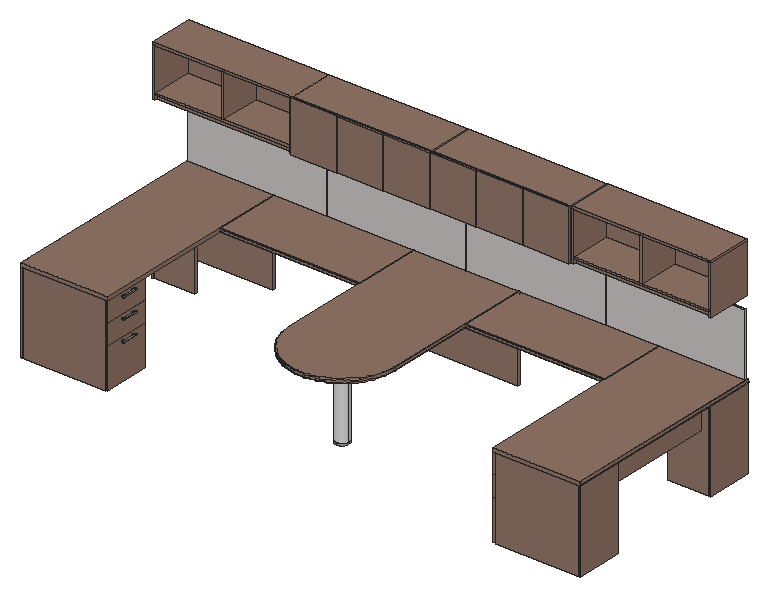
Revit family "JSI-Vision-Typical_Veneer-VSV115", category Furniture, Revit 2020
Family settings
  OmniClass Number = 23.40.20.00
  OmniClass Title = General Furniture and Specialties
  Work Plane-Based = No
  Always vertical = Yes
  Cut with Voids When Loaded = No
  Shared = No
  Room Calculation Point = No
Parameters (values of type "VSV115")
  URL = "www.jsifurniture.com"
  Type Comments = "Typical Veneer"  # constant formula
  Model = "VSV115"
  Manufacturer = "JSI"  # constant formula
  Keynote = "12500"
  Default Elevation = 0"
  Assembly Code = "E2020200"
Reference planes (in)
  plane 1 "Center Front/Back": y = 0
  plane 2: z = 0
  plane 3 "Center Left/Right": x = 0
Dimensions and locks (in)
  aligned and locked: level to plane 2
Nested families (in)
  nested 1: "JSI-Vision-Column_Base" at (0, -53.9995, 0), type "GP0428COL, Column Base 28 5/16"H"
    with Height 29 3/16"
  nested 2: "JSI-Vision-Tackboard_Wall_Mount_Overhead" at (-0.9375, -0.5, -4.5665), type "VSB4822WT, Tackboard for Wall Mount OH"
    with Width 47 3/4", Height 21 1/2"
  nested 3: "JSI-Vision-Wall_Mount_Open_Overhead" at (-95.75, 0, 24.75), type "VSV1548WOO, Veneer Wall Mount Open OH 15 7/16" x 48""
    with Overalll Height 72", Verticall Partition Distance 23 3/4", Unit Centre 24", Width 48", Depth 15.432"
  nested 4: "JSI-Vision-Modular_Box_Box_File_Pedestal" at (-95.8595, -72, 0) x (0, 1, 0) z (0, 0, 1), type "VSV1630MBBF, Veneer Modular BBF Ped"
    with Ped Width 15.996", Ped Height 27.996", Ped Depth 30"
  nested 5: "JSI-Vision-Modular_Wing_End_Support" at (96, 0, 0) x (0, -1, 0) z (0, 0, 1), type "VSV1630WEAL, Wing End Sup - Left"
    with Depth 30"
  nested 6: "JSI-Vision-Modular_Wing_End_Support" at (-96, -16, 0) x (0, 1, 0) z (0, 0, 1), type "VSV1630WEAR, Wing End Sup - Right"
    with Pnl Pstn 15 1/8", L no, Depth 30"
  nested 7: "JSI-Vision-Wall_Mount_Overhead_Cabinets" at (-47.875, 0, 0.25), type "VSV1648WSOL, Veneer Wall Mount OH Cab. 16" x 48", 3 Doors"
    with Overall Height 72", Verticall Partition Distance 31 11/16", Unit Centre 24", Width 48", Left Vertical Partition no, Door Width Actual 15 3/4", Door Array Spacing 15 7/8", Door Width 15 3/4", # of Doors 3
  nested 8: "JSI-Vision-Rectangle_Desk_Top" at (66, -72, -2.004) x (0, 1, 0) z (0, 0, 1), type "VSV3072MCT, Veneer Rectangular Desk Top, 30" x 72""
    with Width 72"
  nested 9: "JSI-Vision-Bullet_Peninsula_Desk" at (18, 0, 0) x (0, -1, 0) z (0, 0, 1), type "VSV3672B, Vneer 36 x 72 Bullet Peninsula Desk"
    with Width 72", leg Pstn 18", Height 29.187", Depth 36"
  nested 10: "JSI-Vision_Modular_Bridge_Top" at (-29.93587, -10.75, -0.8165), type "VSV4824MCT, Veneer 48 x 24 Modular Return/ Bridge Top"
    with Width 48", Depth 24"
  nested 11: "JSI-Vision_Modular_Bridge_Top" at (29.93587, -10.75, -0.8165) x (-1, 0, 0) z (0, 0, 1), type "VSV4824MCT, Veneer 48 x 24 Modular Return/ Bridge Top"
    with Width 48", Depth 24"
  nested 12: "JSI-Vision-Rectangle_Desk_Top" at (-66, -72, -2.004) x (0, 1, 0) z (0, 0, 1), type "VSV3072MCT, Veneer Rectangular Desk Top, 30" x 72""
    with Width 72"
  nested 13: "JSI-Vision-Modular_Box_Box_File_Pedestal" at (95.8595, -72, 0) x (0, 1, 0) z (0, 0, 1), type "VSV1630MBBF, Veneer Modular BBF Ped"
    with Ped Width 15.996", Ped Height 27.996", Ped Depth 30"
  nested 14: "JSI-Vision-Tackboard_Wall_Mount_Overhead" at (96.4375, -0.5, -4.5665) x (-1, 0, 0) z (0, 0, 1), type "VSB4822WT, Tackboard for Wall Mount OH"
    with Width 47 3/4", Height 21 1/2"
  nested 15: "JSI-Vision-Tackboard_Wall_Mount_Overhead" at (0.9375, -0.5, -4.5665) x (-1, 0, 0) z (0, 0, 1), type "VSB4822WT, Tackboard for Wall Mount OH"
    with Width 47 3/4", Height 21 1/2"
  nested 16: "JSI-Vision-Tackboard_Wall_Mount_Overhead" at (-96.4375, -0.5, -4.5665), type "VSB4822WT, Tackboard for Wall Mount OH"
    with Width 47 3/4", Height 21 1/2"
  nested 17: "JSI-Vision-Wall_Mount_Open_Overhead" at (95.75, 0, 24.75) x (-1, 0, 0) z (0, 0, 1), type "VSV1548WOO, Veneer Wall Mount Open OH 15 7/16" x 48""
    with Overalll Height 72", Verticall Partition Distance 23 3/4", Unit Centre 24", Width 48", Depth 15.432"
  nested 18: "JSI-Vision-Wall_Mount_Overhead_Cabinets" at (47.875, 0, 0.25) x (-1, 0, 0) z (0, 0, 1), type "VSV1648WSOL, Veneer Wall Mount OH Cab. 16" x 48", 3 Doors"
    with Overall Height 72", Verticall Partition Distance 31 11/16", Unit Centre 24", Width 48", Left Vertical Partition no, Door Width Actual 15 3/4", Door Array Spacing 15 7/8", Door Width 15 3/4", # of Doors 3
  nested 19: "JSI-Vision-Adj_Bridge_Modesty" at (92.40335, -55.879, -0.8165) x (0, 1, 0) z (0, 0, 1), type "VSV0940TDM, Modesty for Adj Bridge, 40"W"
  nested 20: "JSI-Vision-Adj_Bridge_Modesty" at (-92.40335, -55.879, -0.8165) x (0, 1, 0) z (0, 0, 1), type "VSV0940TDM, Modesty for Adj Bridge, 40"W"
  nested 21: "JSI-Vision-Modular_Full_Height_Back_Modular_Pedestal" at (95.25, -71.90775, 0) x (0, 1, 0) z (0, 0, 1), type "VSV1628MPBK, Modular Full Height Back Panel for Modular Pedestal- Veneer"
  nested 22: "JSI-Vision-Modular_Full_Height_Back_Modular_Pedestal" at (-95.25, -71.90775, 0) x (0, 1, 0) z (0, 0, 1), type "VSV1628MPBK, Modular Full Height Back Panel for Modular Pedestal- Veneer"
Definition of nested family "JSI-Vision-Column_Base"
  Parameters (values of type "GP0428COL, Column Base 28 5/16"H")
    URL = "www.jsifurniture.com"
    Type Comments = ""
    Series = "Vision Casegoods"  # constant formula
    Model = "GP0428COL"
    Material = ""
    Manufacturer = "JSI"  # constant formula
    Keynote = "12500"  # constant formula
    JSI Enviromental Website = "http://www.jsifurniture.com/jsi_sustainability_intro.php"
    Height = 28 5/16"
    Glide Finish = none
    Diameter = 4"
    Default Elevation = 0"
    Base Finish = none
    Description = "Column Base for Peninsula Tops,  4” diameter 28 5/16\"H"
    Assembly Code = "E2020200"
  Reference planes (in)
    plane 1 "Center Front/Back": y = 0
    plane 2: z = 0
    plane 3 "Center Left/Right": x = 0
    plane 4: z = 0
    plane 5: z = 28.3125
    plane 6: x = -3.5
    plane 7: x = 3.5
    plane 8: y = 3.5
    plane 9: y = -3.5
    plane 10: z = 0.75
  Forms (in)
    Extrusion 1, solid, material <- "Base Finish"
      sketch origin (-51, 15, 0) x (1, 0, 0) y (0, 1, 0)
        loop
          circle (51, -15) r 2.25
      from 0.75 to 26.875
    Extrusion 2, solid, material <- "Base Finish"
      sketch origin (-51, 15, 0) x (1, 0, 0) y (0, 1, 0)
        loop
          line (47.5, -11.5) -> (47.5, -18.5) -> (54.5, -18.5) -> (54.5, -11.5) -> (47.5, -11.5)
      from 26.875 to 27.125
    Revolve 3, solid, material <- "Glide Finish"
      sketch origin (0, 0, 0) x (1, 0, 0) y (0, 0, 1)
        loop
          line (0, 0.75) -> (-0.25, 0.75) -> (-0.25, 0.375) -> (-2.25, 0.375) -> (-2.25, 0) -> (0, 0) -> (0, 0.75)
        axis (0, 0.75) -> (0, 0)
      angle from 0 to 360
  Lines and regions (in)
    symbolic lines
      curve 1: arc (2.25, 0, 0) -> (0, 2.25, 0) -> (-2.25, 0, 0) r 2.25
      curve 2: arc (-2.25, 0, 0) -> (0, -2.25, 0) -> (2.25, 0, 0) r 2.25
      curve 3: line (-3.5, 3.5, 0) -> (3.5, 3.5, 0)
      curve 4: line (-3.5, -3.5, 0) -> (-3.5, 3.5, 0)
      curve 5: line (3.5, -3.5, 0) -> (-3.5, -3.5, 0)
      curve 6: line (3.5, 3.5, 0) -> (3.5, -3.5, 0)
  Dimensions and locks (in)
    "Height": plane 5 to plane 4
    plane 5 to Extrusion 2 to Extrusion 2 = 1 3/16" locked, 1/4" locked
    locked: plane 10 to level at 0.75
    plane 3 "Center Left/Right" to Revolve 3 sketch curve to Revolve 3 sketch curve = 1/4" locked, 2" locked
    locked: plane 6 to plane 7 at 7
    locked: plane 9 to plane 8 at 7
    aligned and locked: level to plane 2
    aligned and locked: Extrusion 2 sketch curve to plane 8
    aligned and locked: Extrusion 2 sketch curve to plane 6
    aligned and locked: Extrusion 2 sketch curve to plane 9
    aligned and locked: Extrusion 2 sketch curve to plane 7
    aligned and locked: curve 1 to Extrusion 1
    aligned and locked: curve 2 to Extrusion 1
    aligned and locked: Extrusion 1 to Extrusion 2
    aligned and locked: curve 3 to Extrusion 2
    aligned and locked: curve 4 to Extrusion 2
    aligned and locked: curve 5 to Extrusion 2
    aligned and locked: curve 6 to Extrusion 2
    aligned and locked: Revolve 3 sketch curve to plane 10
    aligned and locked: level to Revolve 3 sketch curve
    aligned and locked: Revolve 3 sketch curve to plane 3 "Center Left/Right"  (x2)
  Automatic sketch dimensions
    plane 1 "Center Front/Back" to Extrusion 1 sketch curve = 0"
    Extrusion 1 sketch curve to plane 3 "Center Left/Right" = 0"
    Revolve 3 sketch curve to Revolve 3 sketch curve = 3/8"
    Revolve 3 sketch curve to level = 1 1/2"
    Revolve 3 sketch curve to Revolve 3 sketch curve = 1/4"
    radius of Extrusion 1 sketch curve = 2 1/4"
Definition of nested family "JSI-Vision-Tackboard_Wall_Mount_Overhead"
  Parameters (values of type "Tackboard for Wall Mount OH - Type Catalog Family")
    Tackboard = none
    Width = 28 1/8"
    URL = "www.jsifurniture.com"
    Type Comments = ""
    Series = "Vision Casegoods"  # constant formula
    Model = "Type Catalog"
    Material = ""
    Manufacturer = "JSI"  # constant formula
    Keynote = "12500"  # constant formula
    JSI Enviromental Website = "http://www.jsifurniture.com/jsi_sustainability_intro.php"
    Height = 21 1/4"
    Description = "Type Catalog"
    Depth = 3/8"
    Default Elevation = 0"
    Assembly Code = "E2020200"
  Reference planes (in)
    plane 1 "Center Front/Back": y = 0
    plane 2: z = 0
    plane 3 "Center Left/Right": x = 0
    plane 4: z = 0
    plane 5: x = 0.9375
    plane 6: x = 29.0625
    plane 7: z = 33.75
    plane 8: x = 30
    plane 9: z = 55
    plane 10: y = -0.375
  Forms (in)
    Extrusion 1, solid, material <- "Tackboard"
      sketch origin (0, 1.5625, 0) x (1, 0, 0) y (0, 1, 0)
        loop
          line (0.9375, -1.5625) -> (0.9375, -1.9375) -> (29.0625, -1.9375) -> (29.0625, -1.5625) -> (0.9375, -1.5625)
      from 33.75 to 55
  Lines and regions (in)
    symbolic lines
      curve 1: line (0.9375, 0, 0) -> (29.0625, 0, 0)
      curve 2: line (0.9375, -0.375, 0) -> (0.9375, 0, 0)
      curve 3: line (29.0625, -0.375, 0) -> (0.9375, -0.375, 0)
      curve 4: line (29.0625, 0, 0) -> (29.0625, -0.375, 0)
  Dimensions and locks (in)
    "Width": plane 5 to plane 6
    plane 7 to level = 33 3/4"
    "Height": plane 9 to plane 7
    locked: plane 3 "Center Left/Right" to plane 5 at 0.9375
    locked: plane 6 to plane 8 at 0.9375
    aligned and locked: level to plane 2
    aligned and locked: Extrusion 1 to plane 5  (x2)
    aligned and locked: plane 6 to Extrusion 1  (x2)
    aligned and locked: Extrusion 1 to plane 7
    aligned and locked: plane 9 to Extrusion 1
    aligned and locked: curve 1 to Extrusion 1
    aligned and locked: curve 2 to Extrusion 1
    aligned and locked: curve 3 to Extrusion 1
    aligned and locked: curve 4 to Extrusion 1
    aligned and locked: Extrusion 1 to plane 1 "Center Front/Back"
  Automatic sketch dimensions
    Extrusion 1 sketch curve to plane 5 = 0"
    Extrusion 1 sketch curve to plane 6 = 0"
    Extrusion 1 sketch curve to plane 10 = 0"
    Extrusion 1 sketch curve to Extrusion 1 sketch curve = 3/8"
Definition of nested family "JSI-Vision-Wall_Mount_Open_Overhead"
  Parameters (values of type "Type Catalog")
    Verticall Partition Distance = Unit Centre - 1/4"  # 26 3/4"
    Unit Centre = Width / 2  # 27"
    Top = none
    Width = 54"
    URL = "www.jsifurniture.com"
    Type Comments = ""
    Tag = "1 Open - 1 Open"
    Series = "Vision Casegoods"  # constant formula
    Overhead Height = 1 1/2"
    Overalll Height [instance] = 72"
    Model = "Type Catalog"
    Material = ""
    Manufacturer = "JSI"  # constant formula
    Vertical Partition = yes
    Keynote = "12500"
    JSI Enviromental Website = "http://www.jsifurniture.com/jsi_sustainability_intro.php"
    Height = 18"
    Description = "Type Catalog"
    Depth = 15 7/16"
    Default Elevation = 0"
    Chassis = none
    Assembly Code = "E2020200"
  Reference planes (in)
    plane 1 "Center Front/Back": y = 0
    plane 2: z = 0
    plane 3 "Center Left/Right": x = 0
    plane 4: z = 0
    plane 5: y = -0.125
    plane 6: x = 54
    plane 7: x = 0.125
    plane 8: x = 53.875
    plane 9: y = -15.5625
    plane 10: z = 47.5
    plane 11: x = 0.875
    plane 12: x = 53.125
    plane 13: y = -0.9375
    plane 14: y = -1.6875
    plane 15: z = 46.75
    plane 16: z = 31.5
    plane 17: z = 32.25
    plane 18: z = 30
    plane 19: y = -14.8125
    plane 20: y = -14.0625
    plane 21: x = 0.25
    plane 22: x = 53.75
    plane 23: x = 27
    plane 24: x = 27
    plane 25: x = 27
    plane 26: x = 26.625
    plane 27: x = 27.375
    plane 28: x = 26.625
    plane 29: x = 27.375
    plane 30: z = 30
    plane 31: z = 48
    plane 32: z = 41.5625
    plane 33: z = 43.75
    plane 34: z = 44.5625
    plane 35: x = 1.5
    plane 36: x = 52.5
  Forms (in)
    Extrusion 1, solid, material <- "Chassis"
      sketch origin (0, 0, 0) x (1, 0, 0) y (0, 1, 0)
        loop
          line (0.125, -0.125) -> (0.125, -15.5625) -> (0.875, -15.5625) -> (0.875, -0.125) -> (0.125, -0.125)
      from 30 to 46.75
    Extrusion 2, solid, material <- "Chassis"
      sketch origin (0, 0, 0) x (1, 0, 0) y (0, 1, 0)
        loop
          line (53.875, -0.125) -> (53.125, -0.125) -> (53.125, -15.5625) -> (53.875, -15.5625) -> (53.875, -0.125)
      from 30 to 46.75
    Extrusion 3, solid, material <- "Top"
      sketch origin (0, 0, 0) x (1, 0, 0) y (0, 0, 1)
        loop
          line (0.125, 47.5) -> (0.125, 46.75) -> (53.875, 46.75) -> (53.875, 47.5) -> (0.125, 47.5)
      from 0.125 to 15.5625
    Extrusion 4, solid, material <- "Chassis"
      sketch origin (0, 0, 0) x (1, 0, 0) y (0, 0, 1)
        loop
          line (0.875, 32.25) -> (0.875, 31.5) -> (53.125, 31.5) -> (53.125, 32.25) -> (0.875, 32.25)
      from 1.6875 to 15.5625
    Extrusion 5, solid, material <- "Chassis"
      sketch origin (0, 0, 0) x (1, 0, 0) y (0, 1, 0)
        loop
          line (0.875, -14.0625) -> (0.875, -14.8125) -> (53.125, -14.8125) -> (53.125, -14.0625) -> (0.875, -14.0625)
      from 30 to 31.5
    Extrusion 6, solid, material <- "Chassis"
      sketch origin (130.61992, -0.9375, 48) x (1, 0, 0) y (0, 0, 1)
        loop
          line (-129.74492, -1.25) -> (-129.74492, -18) -> (-77.49492, -18) -> (-77.49492, -1.25) -> (-129.74492, -1.25)
      from 0 to 0.75
    Extrusion 7, solid, material <- "Chassis", visible <- "Vertical Partition"
      sketch origin (60, -15.5625, 48) x (1, 0, 0) y (0, 0, 1)
        loop
          line (-33.375, -1.25) -> (-33.375, -15.75) -> (-32.625, -15.75) -> (-32.625, -1.25) -> (-33.375, -1.25)
      from -13.875 to 0
    Extrusion 8, solid, material <- "Chassis"
      sketch origin (1.5, -180, 96) x (0, 0, 1) y (0, -1, 0)
        loop
          line (-49.25, -179.875) -> (-49.25, -179.0625) -> (-51.4375, -179.0625) -> (-52.25, -179.875) -> (-49.25, -179.875)
      from -0.625 to 51.625
    Extrusion 9, solid, material <- "Chassis"
      sketch origin (1.5, -180, 96) x (0, 0, 1) y (0, -1, 0)
        loop
          line (-51.4375, -179.0625) -> (-54.4375, -179.0625) -> (-54.4375, -179.875) -> (-52.25, -179.875) -> (-51.4375, -179.0625)
      from 0 to 51
  Lines and regions (in)
    symbolic lines
      curve 1: line (53.875, -0.125, 0) -> (0.125, -0.125, 0)
      curve 2: line (0.125, -0.125, 0) -> (0.125, -15.5625, 0)
      curve 3: line (53.875, -15.5625, 0) -> (53.875, -0.125, 0)
      curve 4: line (0.125, -15.5625, 0) -> (53.875, -15.5625, 0)
  Dimensions and locks (in)
    plane 3 "Center Left/Right" to plane 7 to plane 21 = 1/8" locked, 1/8" locked
    plane 22 to plane 8 to plane 6 = 1/8" locked, 1/8" locked
    locked: plane 5 to plane 1 "Center Front/Back" at 0.125
    plane 9 to plane 19 to plane 20 = 3/4" locked, 3/4" locked
    "Width": plane 3 "Center Left/Right" to plane 6
    locked: plane 7 to plane 11 at 0.75
    locked: plane 12 to plane 8 at 0.75
    plane 14 to plane 13 to plane 5 = 3/4" locked, 13/16" locked
    locked: plane 10 to plane 15 at 0.75
    locked: plane 17 to plane 16 at 0.75
    "Verticall Partition Distance": plane 21 to plane 24
    plane 26 to plane 24 to plane 27 = 3/8" locked, 3/8" locked
    plane 28 to plane 25 to plane 29 = 3/8" locked, 3/8" locked
    "Verticall Partition Distance": plane 25 to plane 22
    "Unit Centre": plane 3 "Center Left/Right" to plane 23
    "Overhead Height": plane 16 to plane 30
    "Height": plane 31 to plane 30
    locked: plane 31 to plane 10 at 0.5
    locked: plane 11 to plane 35 at 0.625
    locked: plane 36 to plane 12 at 0.625
    "Depth": plane 9 to plane 5
    plane 15 to plane 34 to plane 33 to plane 32 = 2 3/16" locked, 13/16" locked, 2 3/16" locked
    plane 10 to level = 47 1/2"
    aligned and locked: level to plane 2
    aligned and locked: plane 5 to Extrusion 1 sketch curve
    aligned and locked: plane 7 to Extrusion 1 sketch curve
    aligned and locked: Extrusion 1 sketch curve to plane 11
    aligned and locked: Extrusion 2 sketch curve to plane 5
    aligned and locked: plane 8 to Extrusion 2 sketch curve
    aligned and locked: Extrusion 2 sketch curve to plane 12
    aligned and locked: Extrusion 3 sketch curve to plane 10
    aligned and locked: plane 7 to Extrusion 3 sketch curve
    aligned and locked: Extrusion 3 to plane 5
    aligned and locked: plane 9 to Extrusion 1
    aligned and locked: plane 9 to Extrusion 2
    aligned and locked: plane 9 to Extrusion 3
    aligned and locked: Extrusion 4 sketch curve to plane 17
    aligned and locked: plane 11 to Extrusion 4 sketch curve
    aligned and locked: plane 16 to Extrusion 4 sketch curve
    aligned and locked: Extrusion 4 sketch curve to plane 12
    aligned and locked: Extrusion 4 to plane 14
    aligned and locked: plane 9 to Extrusion 4
    aligned and locked: plane 20 to Extrusion 5 sketch curve
    aligned and locked: plane 11 to Extrusion 5 sketch curve
    aligned and locked: Extrusion 5 sketch curve to plane 19
    aligned and locked: Extrusion 5 sketch curve to plane 12
    aligned and locked: plane 16 to Extrusion 5
    aligned and locked: Extrusion 5 to plane 18
    aligned and locked: Extrusion 1 to Extrusion 6 sketch curve
    aligned and locked: Extrusion 6 sketch curve to Extrusion 1
    aligned and locked: Extrusion 6 sketch curve to Extrusion 2
    aligned and locked: Extrusion 6 to plane 13
    aligned and locked: plane 14 to Extrusion 6
    aligned and locked: plane 23 to nested 1
    aligned and locked: plane 15 to Extrusion 1
    aligned and locked: plane 15 to Extrusion 2
    aligned and locked: Extrusion 1 to plane 30
    aligned and locked: Extrusion 2 to plane 30
    aligned and locked: Extrusion 6 sketch curve to plane 30
    aligned and locked: plane 26 to Extrusion 7 sketch curve
    aligned and locked: Extrusion 7 sketch curve to plane 27
    aligned and locked: Extrusion 7 sketch curve to plane 15
    aligned and locked: plane 17 to Extrusion 7 sketch curve
    aligned and locked: Extrusion 7 to plane 14
    aligned and locked: plane 9 to Extrusion 7
    aligned and locked: plane 5 to Extrusion 8 sketch curve
    aligned and locked: Extrusion 8 sketch curve to plane 13
    aligned and locked: Extrusion 8 sketch curve to plane 15
    aligned and locked: plane 33 to Extrusion 8 sketch curve
    aligned and locked: plane 34 to Extrusion 8 sketch curve
    aligned and locked: Extrusion 8 to plane 11
    aligned and locked: plane 12 to Extrusion 8
    aligned and locked: Extrusion 9 sketch curve to Extrusion 8
    aligned and locked: Extrusion 9 sketch curve to plane 5
    aligned and locked: plane 13 to Extrusion 9 sketch curve
    aligned and locked: Extrusion 9 sketch curve to plane 32
    aligned and locked: plane 34 to Extrusion 9 sketch curve
    aligned and locked: plane 33 to Extrusion 9 sketch curve
    aligned and locked: Extrusion 9 to plane 35
    aligned and locked: plane 36 to Extrusion 9
    aligned and locked: Extrusion 3 to plane 15
    aligned and locked: plane 9 to nested 1
  Automatic sketch dimensions
    Extrusion 3 sketch curve to plane 8 = 0"
    Extrusion 3 sketch curve to plane 15 = 0"
    plane 9 to Extrusion 2 sketch curve = 0"
    plane 9 to Extrusion 1 sketch curve = 0"
    curve 2 to plane 7 = 0"
    plane 5 to curve 3 = 0"
    curve 3 to plane 8 = 0"
    plane 9 to curve 4 = 0"
  Nested families (in)
    nested 1: "Label 1-16 OH" at (27, -15.5625, 0), type "OH DOORS"
  Definition of nested family "Label 1-16 OH"
    Parameters
      Width = 1"
      Model Name = "XX"
    Reference planes (in)
      plane 1: y = 0
      plane 2: x = 0
    Text (in)
      label "XX" at (0.00051, -0.12324, 0), shows "Model Name"
Definition of nested family "JSI-Vision-Modular_Box_Box_File_Pedestal"
  Parameters (values of type "Type Catalog")
    URL = "www.jsifurniture.com"
    Tag = "BBF"
    Series = "Vision Casegoods"  # constant formula
    Pull Finish = none
    Ped Width = 16"
    Ped Height = 28"
    Model = "Type Catalog"
    Manufacturer = "JSI"  # constant formula
    Keynote = "12500"
    JSI Enviromental website = "http://www.jsifurniture.com/jsi_sustainability_intro.php"
    Description = "Type Catalog"
    Default Elevation = 0"
    Chassis = none
    Ped Depth = 20"
    Grommet Finish = none
    Drawer Front = none
    Assembly Code = "E2020200"
  Reference planes (in)
    plane 1 "Center Front/Back": y = 0
    plane 2: z = 0
    plane 3 "Center Left/Right": x = 0
    plane 4: x = 0.125
    plane 5: x = 16.125
    plane 6: x = 16.25
    plane 7: y = -18.9795
    plane 8: y = -0.1875
    plane 9: y = -19.1095
    plane 10: x = 0.18716
    plane 11: x = 16.06243
    plane 12: y = -19.8595
    plane 13: z = 27.89082
    plane 14: z = 28
    plane 15: x = 0.875
    plane 16: x = 15.376
    plane 17: y = -0.9375
    plane 18: y = -18.23863
    plane 19: z = 27.1404
    plane 20: z = 26.5625
    plane 21: y = -3.9375
    plane 22: x = 8.125
    plane 23: y = -20
    plane 24: y = -9.80266
    plane 25: y = -14.80266
    plane 26: z = 27.1875
    plane 27: z = 21.04715
    plane 28: z = 20.92165
    plane 29: z = 20.1704
    plane 30: z = 14.0779
    plane 31: z = 13.9529
    plane 32: z = 13.2024
    plane 33: z = 0.1404
  Forms (in)
    Extrusion 1, solid, material <- "Chassis"
      sketch origin (0.125, -0.1875, 48) x (0, 1, 0) y (0, 0, 1)
        loop
          line (0, -20) -> (-2.2814, -20) -> (-18.792, -20) -> (-18.792, -48) -> (0, -48) -> (0, -20)
      from 0 to 0.75
    Extrusion 2, solid, material <- "Chassis"
      sketch origin (16.125, -0.1875, 48) x (0, 1, 0) y (0, 0, 1)
        loop
          line (0, -20) -> (-1.49541, -20) -> (-18.792, -20) -> (-18.792, -48) -> (0, -48) -> (0, -20)
      from -0.749 to 0
    Extrusion 3, solid, material <- "Drawer Front"
      sketch origin (0, 0, 0) x (1, 0, 0) y (0, 0, 1)
        loop
          line (0.18716, 27.89082) -> (0.18716, 21.04715) -> (16.06243, 21.04715) -> (16.06243, 27.89082) -> (0.18716, 27.89082)
        loop
          line (16.06243, 14.0779) -> (16.06243, 20.92165) -> (0.18716, 20.92165) -> (0.18716, 14.0779) -> (16.06243, 14.0779)
        loop
          line (0.18716, 13.9529) -> (0.18716, 0.1404) -> (16.06243, 0.1404) -> (16.06243, 13.9529) -> (0.18716, 13.9529)
      from 19.1095 to 19.8595
    Extrusion 4, solid, material <- "Chassis"
      sketch origin (0, 0, 0) x (1, 0, 0) y (0, 1, 0)
        loop
          line (0.875, -18.23863) -> (0.875, -18.9795) -> (15.376, -18.9795) -> (15.376, -18.23863) -> (0.875, -18.23863)
      from 0 to 1.9375
    Extrusion 5, solid, material <- "Chassis"
      sketch origin (0, 0, 0) x (0, 1, 0) y (0, 0, 1)
        loop
          line (-9.80266, 27.1875) -> (-9.80266, 27.89082) -> (-14.80266, 27.89082) -> (-14.80266, 27.1875) -> (-9.80266, 27.1875)
      from 0.875 to 15.376
    Extrusion 6, solid, material <- "Chassis"
      sketch origin (0, 0, 0) x (0, 1, 0) y (0, 0, 1)
        loop
          line (-0.1875, 28) -> (-0.9375, 28) -> (-0.9375, 23) -> (-0.1875, 23) -> (-0.1875, 28)
        loop
          line (-0.9375, 5) -> (-0.9375, 0) -> (-0.1875, 0) -> (-0.1875, 5) -> (-0.9375, 5)
      from 0.875 to 15.376
  Lines and regions (in)
    symbolic lines
      curve 1: line (0.125, -18.9795, 0) -> (0.125, -0.1875, 0)
      curve 2: line (16.125, -0.1875, 0) -> (16.125, -18.9795, 0)
      curve 3: line (0.18716, -19.1095, 0) -> (16.06243, -19.1095, 0)
      curve 4: line (0.18716, -19.8595, 0) -> (0.18716, -19.1095, 0)
      curve 5: line (16.06243, -19.8595, 0) -> (0.18716, -19.8595, 0)
      curve 6: line (16.06243, -19.1095, 0) -> (16.06243, -19.8595, 0)
      curve 7: line (0.875, -0.1875, 0) -> (0.875, -18.9795, 0)
      curve 8: line (0.125, -18.9795, 0) -> (0.875, -18.9795, 0)
      curve 9: line (15.376, -0.1875, 0) -> (15.376, -18.9795, 0)
      curve 10: line (15.376, -18.9795, 0) -> (16.125, -18.9795, 0)
      curve 11: line (0.125, -0.1875, 0) -> (16.125, -0.1875, 0)
      curve 12: line (0.875, -0.9375, 0) -> (15.376, -0.9375, 0)
  Dimensions and locks (in)
    plane 3 "Center Left/Right" to plane 4 = 1/8"
    locked: plane 5 to plane 6 at 0.125
    "Ped Width": plane 4 to plane 5
    locked: plane 1 "Center Front/Back" to plane 8 at 0.1875
    "Ped Height": plane 14 to level
    locked: plane 8 to plane 17 at 0.75
    plane 18 to plane 7 to plane 9 to plane 12 = 0.74087" locked, 0.13" locked, 3/4" locked
    plane 4 to plane 10 to plane 15 = 0.06216" locked, 0.68784" locked
    plane 16 to plane 11 to plane 5 = 0.68644" locked, 0.06257" locked
    locked: plane 14 to plane 20 at 1.4375
    locked: plane 1 "Center Front/Back" to plane 21 at 3.9375
    plane 3 "Center Left/Right" to plane 22 to plane 6 = 8 1/8", 8 1/8"
    "Ped Depth": plane 23 to plane 1 "Center Front/Back"
    locked: plane 12 to plane 23 at 0.1405
    plane 24 to plane 25 to plane 23 = 5" locked, 5.19734" locked
    locked: plane 14 to Extrusion 6 sketch curve at 5
    locked: Extrusion 6 sketch curve to plane 2 at 5
    plane 14 to plane 13 to plane 27 to plane 28 to plane 30 to plane 31 to plane 33 to plane 2 = 0.10918" locked, 6.84367" locked, 0.1255" locked, 6 27/32" locked, 1/8" locked, 13 13/16", 0.1404" locked
    plane 19 to plane 29 to plane 32 to plane 2 = 6.97" locked, 6.968" locked, 13.2024" locked
    aligned and locked: level to plane 2
    aligned and locked: Extrusion 1 sketch curve to plane 7
    aligned and locked: Extrusion 1 sketch curve to level
    aligned and locked: Extrusion 2 sketch curve to plane 14
    aligned and locked: level to Extrusion 2 sketch curve
    aligned and locked: plane 7 to Extrusion 2 sketch curve
    aligned and locked: Extrusion 3 sketch curve to plane 13
    aligned and locked: Extrusion 3 sketch curve to plane 10  (x2)
    aligned and locked: plane 11 to Extrusion 3 sketch curve  (x2)
    aligned and locked: Extrusion 3 to plane 12
    aligned and locked: plane 9 to Extrusion 3
    aligned and locked: Extrusion 4 sketch curve to plane 18
    aligned and locked: plane 15 to Extrusion 4 sketch curve
    aligned and locked: nested 1 to plane 12
    aligned and locked: nested 2 to plane 12
    aligned and locked: plane 19 to nested 2
    aligned and locked: plane 24 to Extrusion 5 sketch curve
    aligned and locked: Extrusion 5 sketch curve to plane 26
    aligned and locked: Extrusion 5 sketch curve to plane 25
    aligned and locked: plane 13 to Extrusion 5 sketch curve
    aligned and locked: Extrusion 5 to plane 15
    aligned and locked: plane 16 to Extrusion 5
    aligned and locked: nested 3 to plane 22
    aligned and locked: nested 3 to plane 23
    aligned and locked: nested 2 to plane 22
    aligned and locked: nested 1 to plane 22
    aligned and locked: Extrusion 3 sketch curve to Extrusion 3 sketch curve  (x2)
    aligned and locked: nested 4 to plane 22
    aligned and locked: nested 4 to plane 12
    aligned and locked: Extrusion 3 to plane 28
    aligned and locked: plane 27 to Extrusion 3
    aligned and locked: Extrusion 3 to plane 31
    aligned and locked: plane 30 to Extrusion 3
    aligned and locked: plane 8 to Extrusion 1
    aligned and locked: plane 8 to Extrusion 2
    aligned and locked: curve 7 to Extrusion 1
    aligned and locked: plane 8 to curve 9
    aligned and locked: Extrusion 2 to plane 16
    aligned and locked: plane 8 to Extrusion 6 sketch curve
    aligned and locked: Extrusion 6 sketch curve to plane 17
    aligned and locked: Extrusion 6 sketch curve to plane 2
    aligned and locked: Extrusion 6 sketch curve to plane 8
    aligned and locked: plane 17 to Extrusion 6 sketch curve
    aligned and locked: Extrusion 6 sketch curve to plane 14
    aligned and locked: Extrusion 6 to plane 15
    aligned and locked: plane 16 to Extrusion 6
    aligned and locked: plane 4 to curve 11
    aligned and locked: plane 5 to curve 11
    aligned and locked: curve 11 to plane 8
    aligned and locked: plane 15 to curve 12
    aligned and locked: plane 16 to curve 12
    aligned and locked: curve 12 to plane 17
    aligned and locked: plane 33 to Extrusion 3
  Automatic sketch dimensions
    Extrusion 3 sketch curve to plane 19 = 6 7/32"
    Extrusion 3 sketch curve to Extrusion 3 sketch curve = 0.1255"
    Extrusion 1 sketch curve to plane 14 = 0"
    Extrusion 1 sketch curve to Extrusion 1 sketch curve = 2.2814"
    Extrusion 2 sketch curve to plane 17 = 0.74541"
    Extrusion 3 sketch curve to Extrusion 3 sketch curve = 1/8"
    Extrusion 3 sketch curve to Extrusion 3 sketch curve = 6 31/32"
    level to Extrusion 3 sketch curve = 0.1404"
    plane 17 to Extrusion 1 sketch curve = 3/4"
    Extrusion 4 sketch curve to plane 7 = 0"
    Extrusion 4 sketch curve to plane 16 = 0"
    plane 17 to Extrusion 2 sketch curve = 3/4"
    curve 3 to plane 9 = 0"
    curve 3 to plane 10 = 0"
    curve 10 to plane 7 = 0"
    curve 5 to plane 11 = 0"
    curve 4 to plane 12 = 0"
    curve 1 to plane 7 = 0"
  Nested families (in)
    nested 1: "Bar Pull" at (8.125, -19.8595, 13.2024), Pull Finish <- "Pull Finish", type "PL"
      with Pull Finish none
    nested 2: "Bar Pull" at (8.125, -19.8595, 27.1404), Pull Finish <- "Pull Finish", type "PL"
      with Pull Finish none
    nested 3: "Label 1-16" at (8.125, -20, 0), type "DRWCFG"
    nested 4: "Bar Pull" at (8.125, -19.8595, 20.1704), Pull Finish <- "Pull Finish", type "PL"
      with Pull Finish none
  Definition of nested family "Bar Pull"
    Parameters
      Pull Finish [instance] = none
      Default Elevation = 0"
    Reference planes (in)
      plane 1 "Center Front/Back": y = 0
      plane 2: z = 0
      plane 3 "Center Left/Right": x = 0
      plane 4: x = -2.68731
      plane 5: x = -1.88731
      plane 6: x = 2.68731
      plane 7: x = 1.88731
      plane 8: y = -1
      plane 9: y = -0.85202
    Forms (in)
      Extrusion 1, solid, material <- "Pull Finish"
        sketch origin (0, 0, 0) x (0, 1, 0) y (0, 0, 1)
          loop
            line (0, -0.2015) -> (0, 0.2015) -> (-0.85202, 0.2015)
            arc (-0.85202, 0.2015) -> (-0.75, 0) -> (-0.85202, -0.2015) r 0.25
            line (-0.85202, -0.2015) -> (0, -0.2015)
        from 1.88731 to 2.68731
      Extrusion 2, solid, material <- "Pull Finish"
        sketch origin (0, 0, 0) x (0, 1, 0) y (0, 0, 1)
          loop
            circle (-1, 0) r 0.25
        from -2.68731 to 2.68731
      Extrusion 3, solid, material <- "Pull Finish"
        sketch origin (0, 0, 0) x (0, 1, 0) y (0, 0, -1)
          loop
            line (0, 0.2015) -> (-0.85202, 0.2015)
            arc (-0.85202, 0.2015) -> (-0.75, 0) -> (-0.85202, -0.2015) r 0.25
            line (-0.85202, -0.2015) -> (0, -0.2015) -> (0, 0.2015)
        from 1.88731 to 2.68731
    Dimensions and locks (in)
      plane 4 to plane 5 to plane 3 "Center Left/Right" to plane 7 to plane 6 = 0.8" locked, 1.88731" locked, 1.88731" locked, 0.8" locked
      plane 8 to plane 9 to plane 1 "Center Front/Back" = 0.14798" locked, 0.85202" locked
      aligned and locked: level to plane 2
      aligned and locked: plane 4 to Extrusion 3
      aligned and locked: Extrusion 3 to plane 5
      aligned and locked: plane 4 to Extrusion 2
      aligned and locked: Extrusion 1 to plane 7
      aligned and locked: plane 6 to Extrusion 1
      aligned and locked: plane 6 to Extrusion 2
      aligned and locked: plane 8 to Extrusion 2 sketch curve
      aligned and locked: Extrusion 3 to plane 1 "Center Front/Back"
      aligned and locked: Extrusion 1 to plane 1 "Center Front/Back"
      aligned and locked: plane 5 to Extrusion 3
      aligned and locked: Extrusion 3 to plane 4
      aligned and locked: Extrusion 2 to plane 4
      aligned and locked: plane 7 to Extrusion 1
      aligned and locked: Extrusion 1 to plane 6
      aligned and locked: Extrusion 2 to plane 6
  Definition of nested family "Label 1-16"
    Parameters
      Width = 1"
      Model Name = "2 Drw - 2 Drs"
    Reference planes (in)
      plane 1: y = 0
      plane 2: x = 0
    Text (in)
      label "XX" at (0.00051, -0.12324, 0), shows "Model Name"
Definition of nested family "JSI-Vision-Modular_Wing_End_Support"
  Parameters (values of type "Wing End Sup - Type Catalog Family")
    Width = 16"
    URL = "www.jsifurniture.com"
    Series = "Vision Casegoods"  # constant formula
    Pnl Pstn = if(L, 1/8", Width - 7/8")  # 1/8"
    Model = "Type Catalog"
    Manufacturer = "JSI"  # constant formula
    L = yes
    Keynote = "12500"  # constant formula
    JSI Enviromental website = "http://www.jsifurniture.com/jsi_sustainability_intro.php"
    Height = 28"
    Grommet Finish = none
    Description = "Type Catalog"
    Depth = 20"
    Default Elevation = 0"
    Chassis = none
    Assembly Code = "E2020200"
  Reference planes (in)
    plane 1 "Center Front/Back": y = 0
    plane 2: z = 0
    plane 3 "Center Left/Right": x = 0
    plane 4: x = 0.125
    plane 5: x = 15.875
    plane 6: x = 16
    plane 7: y = -0.1875
    plane 8: z = 28
    plane 9: x = 0.875
    plane 10: x = 15.126
    plane 11: y = -20
    plane 12: y = -19.8125
    plane 13: y = -0.9375
    plane 14: x = 0.125
    plane 15: x = 15.875
  Forms (in)
    Extrusion 1, solid, material <- "Chassis"
      sketch origin (0, 0, 0) x (1, 0, 0) y (0, 1, 0)
        loop
          line (0.125, -0.1875) -> (0.125, -0.9375) -> (15.875, -0.9375) -> (15.875, -0.1875) -> (0.125, -0.1875)
      from 0 to 28
    Extrusion 2, solid, material <- "Chassis"
      sketch origin (0.125, -0.1875, 48) x (0, 1, 0) y (0, 0, 1)
        loop
          line (-0.75, -20) -> (-19.625, -20) -> (-19.625, -48) -> (-0.75, -48) -> (-0.75, -20)
      from 0 to 0.75
    Extrusion 3, solid, material <- "Chassis"
      sketch origin (15.875, -0.1875, 48) x (0, 1, 0) y (0, 0, 1)
        loop
          line (-0.75, -20) -> (-4.75, -20) -> (-4.75, -48) -> (-0.75, -48) -> (-0.75, -20)
      from -0.749 to 0
    Extrusion 4, solid, material <- "Chassis"
      sketch origin (0, 0, 0) x (0, 1, 0) y (0, 0, 1)
        loop
          line (-0.9375, 1.75) -> (-0.9375, 2.5) -> (-2.875, 2.5) -> (-2.875, 1.75) -> (-0.9375, 1.75)
      from 0.875 to 15.126
  Lines and regions (in)
    symbolic lines
      curve 1: line (15.875, -0.1875, 0) -> (0.125, -0.1875, 0)
      curve 2: line (0.125, -19.8125, 0) -> (0.125, -0.1875, 0)
      curve 3: line (15.875, -0.1875, 0) -> (15.875, -4.9375, 0)
      curve 4: line (0.125, -0.9375, 0) -> (15.875, -0.9375, 0)
      curve 5: line (0.875, -0.9375, 0) -> (0.875, -19.8125, 0)
      curve 6: line (0.125, -19.8125, 0) -> (0.875, -19.8125, 0)
      curve 7: line (15.126, -0.9375, 0) -> (15.126, -4.9375, 0)
      curve 8: line (15.126, -4.9375, 0) -> (15.875, -4.9375, 0)
  Dimensions and locks (in)
    locked: plane 1 "Center Front/Back" to plane 7 at 0.1875
    "Height": plane 8 to level
    locked: plane 4 to plane 9 at 0.75
    locked: plane 10 to plane 5 at 0.749
    "Depth": plane 11 to plane 1 "Center Front/Back"
    "Width": plane 3 "Center Left/Right" to plane 6
    locked: plane 3 "Center Left/Right" to plane 14 at 0.125
    locked: plane 15 to plane 6 at 0.125
    locked: Extrusion 1 to Extrusion 4 at 0.75
    locked: Extrusion 4 to Extrusion 1 at 0.749
    "Pnl Pstn": plane 3 "Center Left/Right" to plane 4
    "Pnl Pstn": plane 5 to plane 6
    locked: plane 12 to plane 11 at 0.1875
    Extrusion 4 to Extrusion 4 to plane 2 = 3/4" locked, 1 3/4" locked
    locked: plane 13 to Extrusion 4 at 1.9375
    aligned and locked: level to plane 2
    aligned and locked: Extrusion 1 sketch curve to plane 7
    aligned and locked: Extrusion 2 sketch curve to level
    aligned and locked: Extrusion 3 sketch curve to plane 8
    aligned and locked: level to Extrusion 3 sketch curve
    aligned and locked: Extrusion 2 to plane 12
    aligned and locked: plane 13 to Extrusion 2
    aligned and locked: plane 9 to Extrusion 2
    aligned and locked: Extrusion 2 to plane 4
    aligned and locked: Extrusion 1 to plane 14
    aligned and locked: plane 15 to Extrusion 1
    aligned and locked: curve 6 to plane 12
    aligned and locked: plane 13 to Extrusion 4 sketch curve
    aligned and locked: plane 13 to Extrusion 3
    aligned and locked: plane 14 to curve 1
  Automatic sketch dimensions
    plane 11 to Extrusion 3 sketch curve = 15 1/16"
    Extrusion 2 sketch curve to plane 8 = 0"
    plane 12 to Extrusion 2 sketch curve = 0"
    Extrusion 1 sketch curve to plane 7 = 3/4"
    Extrusion 2 sketch curve to plane 7 = 3/4"
    Extrusion 3 sketch curve to plane 7 = 3/4"
    Extrusion 1 sketch curve to plane 4 = 0"
    plane 5 to Extrusion 1 sketch curve = 0"
    curve 7 to plane 10 = 0"
    curve 3 to plane 5 = 0"
    curve 2 to plane 4 = 0"
    curve 6 to plane 9 = 0"
    curve 1 to plane 15 = 0"
    curve 4 to plane 13 = 0"
    curve 7 to plane 13 = 0"
    curve 5 to plane 13 = 0"
    curve 2 to plane 7 = 0"
    level to Extrusion 4 sketch curve = 1 3/4"
    Extrusion 4 sketch curve to Extrusion 4 sketch curve = 3/4"
    curve 3 to curve 4 = 4"
    Extrusion 4 sketch curve to plane 13 = 1 15/16"
Definition of nested family "JSI-Vision-Wall_Mount_Overhead_Cabinets"
  Parameters (values of type "Wall Mount OH Cab - Type Catalog Family")
    Verticall Partition Distance = (Door Width * 2) + 3/16"  # 26 3/4"
    Unit Centre = Width / 2  # 27"
    Top = none
    Width = 54"
    URL = "www.jsifurniture.com"
    Type Comments = ""
    Tag = "4 Doors"
    Series = "Vision Casegoods"  # constant formula
    Right Vertical Partition = yes
    Overhead Height = 1 1/2"
    Overall Height [instance] = 72"
    Model = "Type Catalog"
    Material = ""
    Manufacturer = "JSI"  # constant formula
    Left Vertical Partition = yes
    Keynote = "12500"  # constant formula
    JSI Enviromental Website = "http://www.jsifurniture.com/jsi_sustainability_intro.php"
    Height = 18"
    Door Width Actual = if(# of Doors > 4, ((Width - 1 1/8") / # of Doors), if(# of Doors > 3, (((Width - 1 1/8") / # of Doors) + 1/16"), if(# of Doors > 2, (((Width - 1 1/8") / # of Doors) + 1/8"), (((Width - 1 1/8") / # of Doors) + 1/4"))))  # 13 9/32"
    Door Array Spacing = Door Width + 1/8"  # 13 13/32"
    Door Width = Door Width Actual  # 13 9/32"
    Door Front = none
    Description = "Type Catalog"
    Depth = 16"
    Default Elevation = 0"
    Chassis = none
    Assembly Code = "E2020200"
    # of Doors = if(Width > 89", 6, (if(Width > 53", 4, (if(Width > 41", 3, (if(Width > 30", 2, 2)))))))  # 4
  Reference planes (in)
    plane 1 "Center Front/Back": y = 0
    plane 2: z = 0
    plane 3 "Center Left/Right": x = 0
    plane 4 "a": z = 0
    plane 5: y = -0.125
    plane 6: x = 54
    plane 7: x = 0.125
    plane 8: x = 53.875
    plane 9: y = -15.5625
    plane 10: y = -16
    plane 11: z = 72
    plane 12: z = 71.5
    plane 13: x = 0.875
    plane 14: x = 53.125
    plane 15: y = -0.875
    plane 16: y = -0.9375
    plane 17: y = -1.6875
    plane 18: z = 71.25
    plane 19: z = 56
    plane 20: z = 56.75
    plane 21: z = 54.5
    plane 22: y = -14.8125
    plane 23: y = -14.0625
    plane 24: x = 0.25
    plane 25: x = 53.75
    plane 26: z = 71.9375
    plane 27: z = 54.6875
    plane 28: y = -15.6875
    plane 29: y = -16.4375
    plane 30: x = 18.0625
    plane 31: x = 18.1875
    plane 32: x = 18.125
    plane 33: x = 27
    plane 34: x = 27
    plane 35: x = 27
    plane 36: x = 26.625
    plane 37: x = 27.375
    plane 38: x = 26.625
    plane 39: x = 27.375
    plane 40: z = 54.5
    plane 41: z = 72.5
    plane 42: z = 66.0625
    plane 43: z = 69.0625
    plane 44: z = 68.25
    plane 45: x = 1.5
    plane 46: x = 52.5
  Forms (in)
    Extrusion 1, solid, material <- "Chassis"
      sketch origin (0, 0, 0) x (1, 0, 0) y (0, 1, 0)
        loop
          line (0.125, -0.125) -> (0.125, -15.5625) -> (0.875, -15.5625) -> (0.875, -0.125) -> (0.125, -0.125)
      from 54.5 to 71.25
    Extrusion 2, solid, material <- "Chassis"
      sketch origin (0, 0, 0) x (1, 0, 0) y (0, 1, 0)
        loop
          line (53.875, -0.125) -> (53.125, -0.125) -> (53.125, -15.5625) -> (53.875, -15.5625) -> (53.875, -0.125)
      from 54.5 to 71.25
    Extrusion 3, solid, material <- "Top"
      sketch origin (0, 0, 0) x (1, 0, 0) y (0, 0, 1)
        loop
          line (0.125, 72) -> (0.125, 71.25) -> (53.875, 71.25) -> (53.875, 72) -> (0.125, 72)
      from 0.125 to 15.5625
    Extrusion 4, solid, material <- "Chassis"
      sketch origin (0, 0, 0) x (1, 0, 0) y (0, 0, 1)
        loop
          line (0.875, 56.75) -> (0.875, 56) -> (53.125, 56) -> (53.125, 56.75) -> (0.875, 56.75)
      from 1.6875 to 15.5625
    Extrusion 5, solid, material <- "Chassis"
      sketch origin (0, 0, 0) x (1, 0, 0) y (0, 1, 0)
        loop
          line (0.875, -14.0625) -> (0.875, -14.8125) -> (53.125, -14.8125) -> (53.125, -14.0625) -> (0.875, -14.0625)
      from 54.5 to 56
    Extrusion 6, solid, material <- "Door Front"
      sketch origin (-4.53125, 0, 17.5) x (1, 0, 0) y (0, 1, 0)
        loop
          line (4.78125, -15.6875) -> (4.78125, -16.4375) -> (18.0625, -16.4375) -> (18.0625, -15.6875) -> (4.78125, -15.6875)
      from 37.1875 to 54.4375
    Extrusion 7, solid, material <- "Door Front"
      sketch origin (8.875, 0, 17.5) x (1, 0, 0) y (0, 1, 0)
        loop
          line (4.78125, -15.6875) -> (4.78125, -16.4375) -> (18.0625, -16.4375) -> (18.0625, -15.6875) -> (4.78125, -15.6875)
      from 37.1875 to 54.4375
    Extrusion 8, solid, material <- "Chassis", visible <- "Left Vertical Partition"
      sketch origin (0, 0, 0) x (1, 0, 0) y (0, 1, 0)
        loop
          line (26.625, -1.6875) -> (26.625, -15.5625) -> (27.375, -15.5625) -> (27.375, -1.6875) -> (26.625, -1.6875)
      from 56.75 to 71.25
    Extrusion 9, solid, material <- "Chassis", visible <- "Right Vertical Partition"
      sketch origin (0, 0, 0) x (1, 0, 0) y (0, 1, 0)
        loop
          line (26.625, -1.6875) -> (26.625, -15.5625) -> (27.375, -15.5625) -> (27.375, -1.6875) -> (26.625, -1.6875)
      from 56.75 to 71.25
    Extrusion 10, solid, material <- "Chassis"
      sketch origin (130.61992, -0.9375, 48) x (1, 0, 0) y (0, 0, 1)
        loop
          line (-129.74492, 23.25) -> (-129.74492, 6.5) -> (-77.49492, 6.5) -> (-77.49492, 23.25) -> (-129.74492, 23.25)
      from 0 to 0.75
    Extrusion 11, solid, material <- "Chassis"
      sketch origin (1.5, 60, 48) x (0, 1, 0) y (0, 0, 1)
        loop
          line (-60.125, 23.25) -> (-60.9375, 23.25) -> (-60.9375, 21.0625) -> (-60.125, 20.25) -> (-60.125, 23.25)
      from -0.625 to 51.625
    Extrusion 12, solid, material <- "Chassis"
      sketch origin (1.5, 60, 48) x (0, 1, 0) y (0, 0, 1)
        loop
          line (-60.9375, 21.0625) -> (-60.9375, 18.0625) -> (-60.125, 18.0625) -> (-60.125, 20.25) -> (-60.9375, 21.0625)
      from 0 to 51
    Extrusion 13, solid, material <- "Door Front"
      sketch origin (22.28125, 0, 17.5) x (1, 0, 0) y (0, 1, 0)
        loop
          line (4.78125, -15.6875) -> (4.78125, -16.4375) -> (18.0625, -16.4375) -> (18.0625, -15.6875) -> (4.78125, -15.6875)
      from 37.1875 to 54.4375
    Extrusion 14, solid, material <- "Door Front"
      sketch origin (35.6875, 0, 17.5) x (1, 0, 0) y (0, 1, 0)
        loop
          line (4.78125, -15.6875) -> (4.78125, -16.4375) -> (18.0625, -16.4375) -> (18.0625, -15.6875) -> (4.78125, -15.6875)
      from 37.1875 to 54.4375
  Lines and regions (in)
    symbolic lines
      curve 1: line (0.125, -0.125, 0) -> (0.125, -15.5625, 0)
      curve 2: line (53.875, -0.125, 0) -> (0.125, -0.125, 0)
      curve 3: line (0.125, -15.5625, 0) -> (53.875, -15.5625, 0)
      curve 4: line (53.875, -15.5625, 0) -> (53.875, -0.125, 0)
      curve 5: line (13.53125, -15.6875, 0) -> (0.25, -15.6875, 0)
      curve 6: line (0.25, -15.6875, 0) -> (0.25, -16.4375, 0)
      curve 7: line (0.25, -16.4375, 0) -> (13.53125, -16.4375, 0)
      curve 8: line (13.53125, -16.4375, 0) -> (13.53125, -15.6875, 0)
      curve 9: line (26.9375, -15.6875, 0) -> (13.65625, -15.6875, 0)
      curve 10: line (13.65625, -15.6875, 0) -> (13.65625, -16.4375, 0)
      curve 11: line (13.65625, -16.4375, 0) -> (26.9375, -16.4375, 0)
      curve 12: line (26.9375, -16.4375, 0) -> (26.9375, -15.6875, 0)
      curve 13: line (40.34375, -15.6875, 0) -> (27.0625, -15.6875, 0)
      curve 14: line (27.0625, -15.6875, 0) -> (27.0625, -16.4375, 0)
      curve 15: line (27.0625, -16.4375, 0) -> (40.34375, -16.4375, 0)
      curve 16: line (40.34375, -16.4375, 0) -> (40.34375, -15.6875, 0)
      curve 17: line (53.75, -15.6875, 0) -> (40.46875, -15.6875, 0)
      curve 18: line (40.46875, -15.6875, 0) -> (40.46875, -16.4375, 0)
      curve 19: line (40.46875, -16.4375, 0) -> (53.75, -16.4375, 0)
      curve 20: line (53.75, -16.4375, 0) -> (53.75, -15.6875, 0)
  Dimensions and locks (in)
    plane 3 "Center Left/Right" to plane 7 to plane 24 = 1/8" locked, 1/8" locked
    plane 25 to plane 8 to plane 6 = 1/8" locked, 1/8" locked
    locked: plane 5 to plane 1 "Center Front/Back" at 0.125
    plane 10 to plane 9 to plane 22 to plane 23 = 7/16" locked, 3/4" locked, 3/4" locked
    "Width": plane 3 "Center Left/Right" to plane 6
    "Depth": plane 10 to plane 1 "Center Front/Back"
    locked: plane 11 to plane 12 at 0.5
    plane 7 to plane 13 to plane 45 = 3/4" locked, 5/8" locked
    plane 46 to plane 14 to plane 8 = 5/8" locked, 3/4" locked
    locked: plane 15 to plane 5 at 0.75
    plane 17 to plane 16 to plane 5 = 3/4" locked, 13/16" locked
    locked: plane 11 to plane 18 at 0.75
    plane 20 to plane 19 to plane 21 = 3/4" locked, 1 1/2" locked
    locked: plane 11 to plane 26 at 0.0625
    locked: plane 27 to plane 21 at 0.1875
    plane 29 to plane 28 to plane 9 = 3/4" locked, 1/8" locked
    plane 30 to plane 32 to plane 31 = 1/16" locked, 1/16" locked
    "Door Width": Extrusion 6 sketch curve to Extrusion 6 sketch curve
    "Door Width": Extrusion 7 sketch curve to Extrusion 7 sketch curve
    equal spacing: group 1, group 2, group 3, group 4  (x3)
    "Door Array Spacing": Extrusion 6 to Extrusion 7
    "Verticall Partition Distance": plane 24 to plane 34
    plane 36 to plane 34 to plane 37 = 3/8" locked, 3/8" locked
    plane 38 to plane 35 to plane 39 = 3/8" locked, 3/8" locked
    "Verticall Partition Distance": plane 35 to plane 25
    "Unit Centre": plane 3 "Center Left/Right" to plane 33
    "Overhead Height": plane 19 to plane 40
    locked: plane 41 to plane 11 at 0.5
    "Height": plane 41 to plane 40
    plane 18 to plane 43 to plane 44 to plane 42 = 2 3/16" locked, 13/16" locked, 2 3/16" locked
    "Door Width": Extrusion 13 sketch curve to Extrusion 13 sketch curve
    "Door Width": Extrusion 14 sketch curve to Extrusion 14 sketch curve
    "Overall Height": plane 11 to level
    aligned and locked: level to plane 2
    aligned and locked: plane 5 to Extrusion 1 sketch curve
    aligned and locked: plane 7 to Extrusion 1 sketch curve
    aligned and locked: Extrusion 1 sketch curve to plane 13
    aligned and locked: Extrusion 2 sketch curve to plane 5
    aligned and locked: plane 8 to Extrusion 2 sketch curve
    aligned and locked: Extrusion 2 sketch curve to plane 14
    aligned and locked: Extrusion 3 sketch curve to plane 11
    aligned and locked: plane 7 to Extrusion 3 sketch curve
    aligned and locked: Extrusion 3 to plane 5
    aligned and locked: plane 9 to Extrusion 1
    aligned and locked: plane 9 to Extrusion 2
    aligned and locked: plane 9 to Extrusion 3
    aligned and locked: Extrusion 4 sketch curve to plane 20
    aligned and locked: plane 13 to Extrusion 4 sketch curve
    aligned and locked: plane 19 to Extrusion 4 sketch curve
    aligned and locked: Extrusion 4 sketch curve to plane 14
    aligned and locked: Extrusion 4 to plane 17
    aligned and locked: plane 9 to Extrusion 4
    aligned and locked: plane 23 to Extrusion 5 sketch curve
    aligned and locked: plane 13 to Extrusion 5 sketch curve
    aligned and locked: Extrusion 5 sketch curve to plane 22
    aligned and locked: Extrusion 5 sketch curve to plane 14
    aligned and locked: plane 19 to Extrusion 5
    aligned and locked: Extrusion 5 to plane 21
    aligned and locked: plane 26 to Extrusion 6
    aligned and locked: Extrusion 6 to plane 24
    aligned and locked: plane 17 to Extrusion 8 sketch curve
    aligned and locked: plane 36 to Extrusion 8 sketch curve
    aligned and locked: Extrusion 8 sketch curve to plane 9
    aligned and locked: Extrusion 8 sketch curve to plane 37
    aligned and locked: plane 17 to Extrusion 9 sketch curve
    aligned and locked: plane 38 to Extrusion 9 sketch curve
    aligned and locked: Extrusion 9 sketch curve to plane 9
    aligned and locked: Extrusion 9 sketch curve to plane 39
    aligned and locked: plane 18 to Extrusion 8
    aligned and locked: Extrusion 8 to plane 20
    aligned and locked: plane 18 to Extrusion 9
    aligned and locked: Extrusion 9 to plane 20
    aligned and locked: Extrusion 1 to Extrusion 10 sketch curve
    aligned and locked: Extrusion 10 sketch curve to Extrusion 1
    aligned and locked: Extrusion 2 to Extrusion 10 sketch curve
    aligned and locked: Extrusion 10 to plane 16
    aligned and locked: plane 17 to Extrusion 10
    aligned and locked: plane 33 to nested 1
    aligned and locked: plane 29 to nested 1
    aligned and locked: plane 26 to Extrusion 7
    aligned and locked: plane 18 to Extrusion 1
    aligned and locked: plane 18 to Extrusion 2
    aligned and locked: curve 1 to Extrusion 3
    aligned and locked: curve 2 to Extrusion 3
    aligned and locked: curve 3 to Extrusion 3
    aligned and locked: curve 4 to Extrusion 3
    aligned and locked: Extrusion 1 to plane 40
    aligned and locked: Extrusion 2 to plane 40
    aligned and locked: Extrusion 10 sketch curve to plane 40
    aligned and locked: Extrusion 6 to plane 26
    aligned and locked: Extrusion 7 to plane 26
    aligned and locked: Extrusion 11 sketch curve to plane 18
    aligned and locked: plane 5 to Extrusion 11 sketch curve
    aligned and locked: Extrusion 11 sketch curve to plane 16
    aligned and locked: plane 43 to Extrusion 11 sketch curve
    aligned and locked: plane 44 to Extrusion 11 sketch curve
    aligned and locked: Extrusion 11 to plane 13
    aligned and locked: plane 14 to Extrusion 11
    aligned and locked: Extrusion 12 sketch curve to Extrusion 11
    aligned and locked: Extrusion 12 sketch curve to plane 5
    aligned and locked: plane 16 to Extrusion 12 sketch curve
    aligned and locked: Extrusion 12 sketch curve to plane 42
    aligned and locked: plane 43 to Extrusion 12 sketch curve
    aligned and locked: plane 44 to Extrusion 12 sketch curve
    aligned and locked: Extrusion 12 to plane 45
    aligned and locked: plane 46 to Extrusion 12
    aligned and locked: curve 5 to Extrusion 6
    aligned and locked: curve 6 to Extrusion 6
    aligned and locked: curve 7 to Extrusion 6
    aligned and locked: curve 8 to Extrusion 6
    aligned and locked: curve 9 to Extrusion 7
    aligned and locked: curve 10 to Extrusion 7
    aligned and locked: curve 11 to Extrusion 7
    aligned and locked: curve 12 to Extrusion 7
    aligned and locked: curve 13 to Extrusion 13
    aligned and locked: curve 14 to Extrusion 13
    aligned and locked: curve 15 to Extrusion 13
    aligned and locked: curve 16 to Extrusion 13
    aligned and locked: curve 17 to Extrusion 14
    aligned and locked: curve 18 to Extrusion 14
    aligned and locked: curve 19 to Extrusion 14
    aligned and locked: curve 20 to Extrusion 14
  Automatic sketch dimensions
    Extrusion 1 sketch curve to plane 10 = 7/16"
    Extrusion 3 sketch curve to plane 8 = 0"
    Extrusion 3 sketch curve to plane 18 = 0"
    plane 9 to Extrusion 2 sketch curve = 0"
    Extrusion 6 sketch curve to Extrusion 6 sketch curve = 3/4"
    Extrusion 7 sketch curve to Extrusion 7 sketch curve = 3/4"
    curve 6 to curve 6 = 3/4"
    curve 6 to curve 7 = 13 9/32"
    curve 10 to curve 10 = 3/4"
    curve 10 to curve 11 = 13 9/32"
    Extrusion 13 sketch curve to Extrusion 13 sketch curve = 3/4"
    curve 14 to curve 14 = 3/4"
    curve 14 to curve 15 = 13 9/32"
    Extrusion 14 sketch curve to Extrusion 14 sketch curve = 3/4"
    curve 18 to curve 18 = 3/4"
    curve 18 to curve 19 = 13 9/32"
  Nested families (in)
    nested 1: "Label 1-16 OH" at (27, -16.4375, 0), type "OH DOORS"
  Definition of nested family "Label 1-16 OH"
    Parameters
      Width = 1"
      Model Name = "XX"
    Reference planes (in)
      plane 1: y = 0
      plane 2: x = 0
    Text (in)
      label "XX" at (0.00051, -0.12324, 0), shows "Model Name"
Definition of nested family "JSI-Vision-Rectangle_Desk_Top"
  Parameters (values of type "Type Catalog")
    Worksurface = none
    Width = 42"
    URL = "www.jsifurniture.com"
    Type Comments = ""
    Series = "Vision Casegoods"  # constant formula
    Model = "Type Catalog"
    Material = ""
    Manufacturer = "JSI"  # constant formula
    Keynote = "12500"
    JSI Enviromental Website = "http://www.jsifurniture.com/jsi_sustainability_intro.php"
    Height = 30"
    Description = "Type Catalog"
    Depth = 30"
    Default Elevation = 0"
    Assembly Code = "E2020200"
  Reference planes (in)
    plane 1 "Center Front/Back": y = 0
    plane 2: z = 0
    plane 3 "Center Left/Right": x = 0
    plane 4: z = 0
    plane 5: x = 42
    plane 6: y = -30
    plane 7: z = 31.1875
    plane 8: z = 30
  Forms (in)
    Extrusion 1, solid, material <- "Worksurface"
      sketch origin (0, 0, 28) x (0, 1, 0) y (0, 0, 1)
        loop
          line (-29.88189, 2) -> (0, 2) -> (0, 3.1875) -> (-29.88189, 3.1875)
          arc (-29.88189, 3.1875) -> (-29.96541, 3.15291) -> (-30, 3.06939) r 0.11811
          line (-30, 3.06939) -> (-30, 2.11811)
          arc (-30, 2.11811) -> (-29.96541, 2.03459) -> (-29.88189, 2) r 0.11811
      from 0 to 42
  Lines and regions (in)
    symbolic lines
      curve 1: line (0, 0, 0) -> (42, 0, 0)
      curve 2: line (0, -30, 0) -> (0, 0, 0)
      curve 3: line (42, -30, 0) -> (0, -30, 0)
      curve 4: line (42, 0, 0) -> (42, -30, 0)
  Dimensions and locks (in)
    "Depth": plane 6 to plane 1 "Center Front/Back"
    "Width": plane 5 to plane 3 "Center Left/Right"
    locked: plane 7 to plane 8 at 1.1875
    "Height": plane 8 to level
    aligned and locked: level to plane 2
    aligned and locked: plane 5 to Extrusion 1
    aligned and locked: curve 1 to Extrusion 1
    aligned and locked: curve 2 to Extrusion 1
    aligned and locked: plane 6 to curve 3
    aligned and locked: curve 4 to plane 5
    aligned and locked: Extrusion 1 to plane 8
    aligned and locked: Extrusion 1 to plane 7
  Automatic sketch dimensions
    Extrusion 1 sketch curve to plane 6 = 0"
    level to Extrusion 1 sketch curve = 30"
    Extrusion 1 sketch curve to plane 7 = 0"
    Extrusion 1 sketch curve to plane 1 "Center Front/Back" = 0"
    Extrusion 1 sketch curve to Extrusion 1 sketch curve = 0.11811"
    plane 6 to Extrusion 1 sketch curve = 0.11811"
Definition of nested family "JSI-Vision-Bullet_Peninsula_Desk"
  Parameters (values of type "Type Catalog")
    Worksurface Finish = none
    Width = 66"
    URL = "www.jsifurniture.com"
    Type Comments = ""
    Support Finish = none
    Series = "VISION CASEGOODS"  # constant formula
    leg Pstn = Depth / 2  # 14.9995"
    Model = "Type Catalog"
    Material = ""
    Manufacturer = "JSI"  # constant formula
    Keynote = "12500"
    SVX Enviromental Website = "http://www.jsifurniture.com/jsi_sustainability_intro.php"
    Height = 29 3/16"
    Grommet Finish = none
    Description = "Type Catalog"
    Depth = 29.999"
    Default Elevation = 0"
    Chassis Finish = none
    Assembly Code = "E2020200"
  Reference planes (in)
    plane 1 "Center Front/Back": y = 0
    plane 2: z = 0
    plane 3 "Center Left/Right": x = 0
    plane 4: z = 0
    plane 5: x = 66
    plane 6: z = 29.1875
    plane 7: y = -29.999
    plane 8: y = -14.9995
    plane 9: x = 33
    plane 10: x = 0.875
    plane 11: y = -14.6245
    plane 12: y = -15.3745
    plane 13: x = 51.0005
  Forms (in)
    Extrusion 1, solid, material <- "Worksurface Finish"
      sketch origin (-49.91486, -180, 29.1875) x (-1, 0, 0) y (0, -1, 0)
        loop
          line (-49.91486, -179.875) -> (-49.91486, -150.126) -> (-100.91586, -150.126)
          arc (-100.91586, -150.126) -> (-115.79036, -165.0005) -> (-100.91586, -179.875) r 14.8745
          line (-100.91586, -179.875) -> (-49.91486, -179.875)
      from 0 to -1.1875
    Extrusion 2, solid, material <- "Chassis Finish"
      sketch origin (0.125, 0, 0) x (0, 1, 0) y (0, 0, 1)
        loop
          line (-29.811, 28) -> (-29.811, 0) -> (-0.187, 0) -> (-0.187, 28) -> (-29.811, 28)
      from 0 to 0.75
    Sweep 3, solid, material <- "Worksurface Finish"
      path in 3D
        loop
          line (0, -29.874, 29.1875) -> (51.001, -29.874, 29.1875)
          arc (51.001, -29.874, 29.1875) -> (65.8755, -14.9995, 29.1875) -> (51.001, -0.125, 29.1875) r 14.8745
          line (51.001, -0.125, 29.1875) -> (0, -0.125, 29.1875)
      profile origin (25.5005, -29.874, 29.1875) x (0, 1, 0) y (0, 0, 1)
        loop
          arc (0, 0) -> (-0.08839, -0.03661) -> (-0.125, -0.125) r 0.125
          line (-0.125, -0.125) -> (-0.125, -1.0625)
          arc (-0.125, -1.0625) -> (-0.08839, -1.15089) -> (0, -1.1875) r 0.125
          line (0, -1.1875) -> (0, 0)
    Extrusion 4, solid, material <- "Support Finish"
      sketch origin (0, 0, 0) x (1, 0, 0) y (0, 0, 1)
        loop
          line (7.43196, 27.89932) -> (0.97539, 21.44275)
          arc (0.97539, 21.44275) -> (0.90109, 21.33155) -> (0.875, 21.20038) r 0.34277
          line (0.875, 21.20038) -> (0.875, 18.66768) -> (1.06499, 18.66768) -> (1.06499, 21.20305)
          arc (1.06499, 21.20305) -> (1.07678, 21.2623) -> (1.11034, 21.31253) r 0.15483
          line (1.11034, 21.31253) -> (7.56293, 27.76513)
          arc (7.56293, 27.76513) -> (7.61363, 27.799) -> (7.67342, 27.81089) r 0.15625
          line (7.67342, 27.81089) -> (10.2082, 27.81089) -> (10.2082, 28) -> (7.67503, 28)
          arc (7.67503, 28) -> (7.54348, 27.97383) -> (7.43196, 27.89932) r 0.34375
      from 10.4995 to 11.4995
    Extrusion 5, solid, material <- "Support Finish"
      sketch origin (0, -20, 0) x (1, 0, 0) y (0, 0, 1)
        loop
          line (7.43196, 27.89932) -> (0.97539, 21.44275)
          arc (0.97539, 21.44275) -> (0.90109, 21.33155) -> (0.875, 21.20038) r 0.34277
          line (0.875, 21.20038) -> (0.875, 18.66768) -> (1.06499, 18.66768) -> (1.06499, 21.20305)
          arc (1.06499, 21.20305) -> (1.07678, 21.2623) -> (1.11034, 21.31253) r 0.15483
          line (1.11034, 21.31253) -> (7.56293, 27.76513)
          arc (7.56293, 27.76513) -> (7.61363, 27.799) -> (7.67342, 27.81089) r 0.15625
